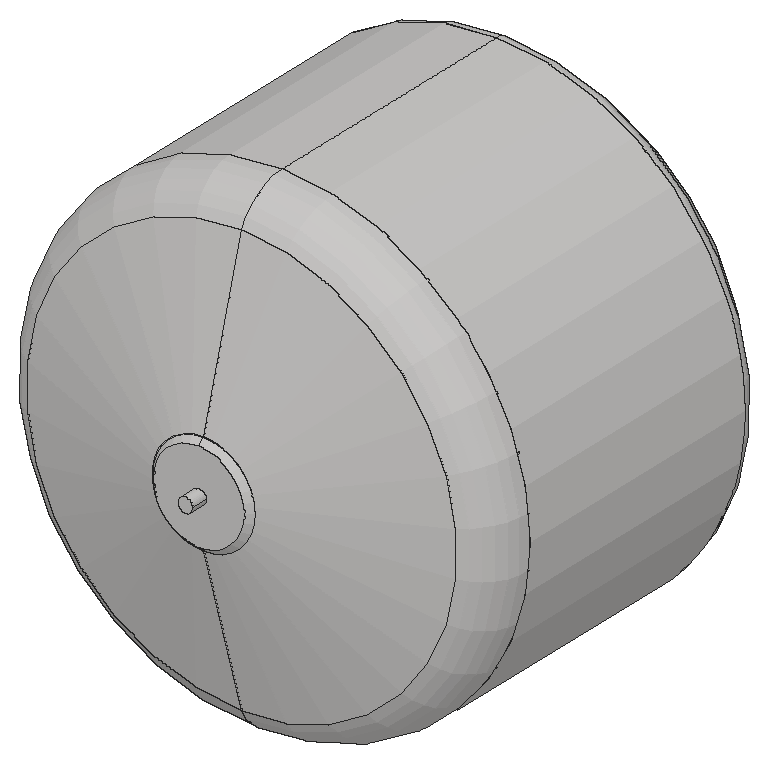
Revit family
Parameters (values of type "440 X 440 X 392")
  Heating Time (min) = "85"
  Heater Width = 440 mm
  Width = 461 mm
  URL = "http://www.kwikot.com/Products/Point%20of%20Use%20Water%20Heaters/Prisma%20Deluxe.php"
  Product Code = "PRX-30-LT"
  Operating Pressure = 700 kPa
  OmniClass Title = ""
  OmniClass Number = ""
  Modspec Classification = ""
  Specification = ""
  Material = Galvanised Steel
  Mass (Kg) = "13.7"
  Location (revit room) = ""
  Model = "Prisma Storage Water Heater PRX-30-LT"
  Manufacturer = "Kwikot"  # constant formula
  Length = 440 mm
  Element Rating = 1.5 kW
  Pipe Radius = Pipe Diameter / 2  # 6.35 mm
  Depth = 391.8 mm
  Pipe Diameter = 12.7 mm
  Colour = none
  Capacity (Litres) = 30.00 L
  Body Finish = none
  Assembly Code = "D3010500"
Reference planes
  plane 1 "Center (Front/Back)": y = 0
  plane 2 "Bottom": z = 0
  plane 3 "Center (Left/Right)": x = 0
  plane 4: z = 220
  plane 5: z = -220
  plane 6: z = -241
  plane 7: x = -220
  plane 8: x = 220
  plane 9: y = 391.8
  plane 10: y = 341.8
Forms (mm)
  Revolve 1, solid, material "Galvanised Steel" <- "Material"
    sketch origin (0, 0, 0) x (0, 1, 0) y (0, 0, 1)
      loop
        line (391.8, 0) -> (391.8, 175.858)
        arc (391.8, 175.858) -> (391.039, 179.685) -> (388.871, 182.929) r 10
        line (388.871, 182.929) -> (356.193, 215.607)
        arc (356.193, 215.607) -> (351.327, 218.858) -> (345.587, 220) r 15
        line (345.587, 220) -> (107.653, 220)
        arc (107.653, 220) -> (80.788, 212.17) -> (62.338, 191.131) r 50
        line (62.338, 191.131) -> (20, 45.337) -> (20, 0) -> (391.8, 0)
      axis (20, 0) -> (391.8, 0)
    angle from 0 to 360
  Blend 2, solid, material "Galvanised Steel" <- "Material"
    base sketch origin (0, 0, 0) x (1, 0, 0) y (0, 0, 1)
      loop
        circle (0, 0) r 45.337
    top sketch origin (0, 0, 0) x (1, 0, 0) y (0, 0, 1)
      loop
        circle (0, 0) r 40.337
    from -20 to -15
  Extrusion 3, solid, material "Galvanised Steel" <- "Material"
    sketch origin (-583.163, -1524, -220) x (-1, 0, 0) y (0, -1, 0)
      loop
        circle (-533.163, -1865.8) r 6.4
      loop
        circle (-633.163, -1865.8) r 6.4
    from 15 to -21
  Extrusion 4, solid, material "Galvanised Steel" <- "Material"
    sketch origin (0, 0, 0) x (1, 0, 0) y (0, 0, 1)
      loop
        circle (0, 0) r 6.35
    from 0 to -15
Cuts and joins
  joined: Revolve 1, Extrusion 3
Lines and regions (mm)
  symbolic lines
    curve 1: line (45.337, 20, 0) -> (-45.337, 20, 0)
    curve 2: line (-40.337, 15, 0) -> (40.337, 15, 0)
    curve 3: line (-6.35, 0, 0) -> (6.35, 0, 0)
    curve 4: line (-40.337, 15, 0) -> (-45.337, 20, 0)
    curve 5: line (40.337, 15, 0) -> (45.337, 20, 0)
    curve 6: line (6.35, 0, 0) -> (6.35, 15, 0)
    curve 7: line (-6.35, 0, 0) -> (-6.35, 15, 0)
    curve 8: line (-220, 107.964, 0) -> (-220, 345.587, 0)
    curve 9: line (220, 107.964, 0) -> (220, 345.539, 0)
    curve 10: line (-45.337, 20, 0) -> (-186.858, 60.319, 0)
    curve 11: arc (-186.858, 60.319, 0) -> (-210.9, 78.945, 0) -> (-220, 107.964, 0) r 50.819
    curve 12: line (45.337, 20, 0) -> (186.858, 60.319, 0)
    curve 13: arc (186.858, 60.319, 0) -> (210.9, 78.945, 0) -> (220, 107.964, 0) r 50.819
    curve 14: line (-175.858, 391.8, 0) -> (175.81, 391.8, 0)
    curve 15: line (-182.929, 388.871, 0) -> (-215.607, 356.193, 0)
    curve 16: arc (-220, 345.587, 0) -> (-218.858, 351.327, 0) -> (-215.607, 356.193, 0) r 15
    curve 17: arc (-182.929, 388.871, 0) -> (-179.685, 391.039, 0) -> (-175.858, 391.8, 0) r 10
    curve 18: line (182.881, 388.871, 0) -> (215.607, 356.146, 0)
    curve 19: arc (175.81, 391.8, 0) -> (179.637, 391.039, 0) -> (182.881, 388.871, 0) r 10
    curve 20: arc (215.607, 356.146, 0) -> (218.858, 351.279, 0) -> (220, 345.539, 0) r 15
Dimensions and locks
  "Heater Width": plane 4 to plane 5
  "Width": plane 4 to plane 6
  "Length": plane 7 to plane 8
  equal spacing: plane 7, plane 3 "Center (Left/Right)", plane 8
  equal spacing: plane 4, level, plane 5
  Revolve 1 sketch curve to plane 1 "Center (Front/Back)" = 20 mm
  "Depth": plane 9 to plane 1 "Center (Front/Back)"
  Extrusion 3 sketch curve to plane 3 "Center (Left/Right)" = 50 mm
  plane 3 "Center (Left/Right)" to Extrusion 3 sketch curve = 50 mm
  plane 10 to plane 9 = 50 mm
  "Pipe Radius": radius of Extrusion 4 sketch curve
  aligned and locked: plane 2 "Bottom" to level
  aligned and locked: plane 2 "Bottom" to Revolve 1 sketch curve
  aligned and locked: Revolve 1 sketch curve to plane 4
  aligned and locked: plane 9 to Revolve 1 sketch curve
  aligned and locked: Revolve 1 sketch curve to plane 2 "Bottom"
  aligned and locked: Blend 2 sketch curve to Revolve 1  (x2)
  aligned and locked: Blend 2 to Revolve 1
  aligned and locked: plane 10 to Extrusion 3 sketch curve  (x2)
  aligned and locked: Extrusion 3 to plane 6
  aligned and locked: plane 3 "Center (Left/Right)" to Extrusion 4 sketch curve
  aligned and locked: plane 2 "Bottom" to Extrusion 4 sketch curve
  aligned and locked: plane 1 "Center (Front/Back)" to Extrusion 4
  aligned and locked: Extrusion 4 to Blend 2
  aligned and locked: curve 1 to Blend 2
  aligned and locked: curve 2 to Blend 2
  aligned and locked: curve 3 to Extrusion 4
  aligned and locked: plane 9 to curve 14
Automatic sketch dimensions
  plane 9 to Revolve 1 sketch curve = 2.929 mm
  Revolve 1 sketch curve to Revolve 1 sketch curve = 10 mm
  Revolve 1 sketch curve to plane 4 = 4.393 mm
  plane 9 to Revolve 1 sketch curve = 35.607 mm
  Revolve 1 sketch curve to Revolve 1 sketch curve = 10.607 mm
  Revolve 1 sketch curve to plane 1 "Center (Front/Back)" = 107.653 mm
  Revolve 1 sketch curve to plane 4 = 28.869 mm
  Revolve 1 sketch curve to Revolve 1 sketch curve = 45.315 mm
  plane 1 "Center (Front/Back)" to Revolve 1 sketch curve = 80 mm
  Revolve 1 sketch curve to Revolve 1 sketch curve = 86.5 mm
  level to Revolve 1 sketch curve = 45.337 mm
  Revolve 1 sketch curve to plane 4 = 44.142 mm
  Blend 2 sketch curve to Blend 2 sketch curve = 0 mm  (x2)
  Blend 2 sketch curve to plane 3 "Center (Left/Right)" = 0 mm
  Blend 2 sketch curve to level = 0 mm
  Blend 2 sketch curve to level = 40.337 mm
  curve 8 to plane 7 = 0 mm
  plane 1 "Center (Front/Back)" to curve 7 = 0 mm
  curve 13 to plane 8 = 0 mm
  curve 15 to plane 7 = 4.393 mm
  curve 16 to plane 7 = 15 mm
  curve 10 to plane 7 = 33.142 mm
  plane 9 to curve 15 = 2.929 mm
  curve 15 to plane 7 = 37.071 mm
  curve 15 to curve 17 = 7.071 mm
  curve 11 to plane 7 = 50.819 mm
  curve 1 to plane 3 "Center (Left/Right)" = 45.337 mm
  curve 4 to plane 1 "Center (Front/Back)" = 15 mm
  curve 1 to curve 4 = 5 mm
  curve 7 to plane 3 "Center (Left/Right)" = 6.35 mm
  plane 3 "Center (Left/Right)" to curve 3 = 6.35 mm
  curve 6 to curve 5 = 33.987 mm
  curve 2 to curve 5 = 5 mm
  curve 13 to curve 9 = 50.819 mm
  plane 8 to curve 19 = 44.19 mm
  plane 9 to curve 19 = 2.929 mm
  curve 14 to curve 19 = 7.071 mm
  plane 8 to curve 12 = 33.142 mm
  curve 20 to curve 9 = 15 mm
  plane 8 to curve 18 = 4.393 mm
  curve 13 to plane 1 "Center (Front/Back)" = 60.319 mm
  curve 11 to plane 1 "Center (Front/Back)" = 60.319 mm
  plane 9 to curve 9 = 46.261 mm
  plane 9 to curve 8 = 46.213 mm
  radius of Extrusion 3 sketch curve = 6.4 mm  (x2)
